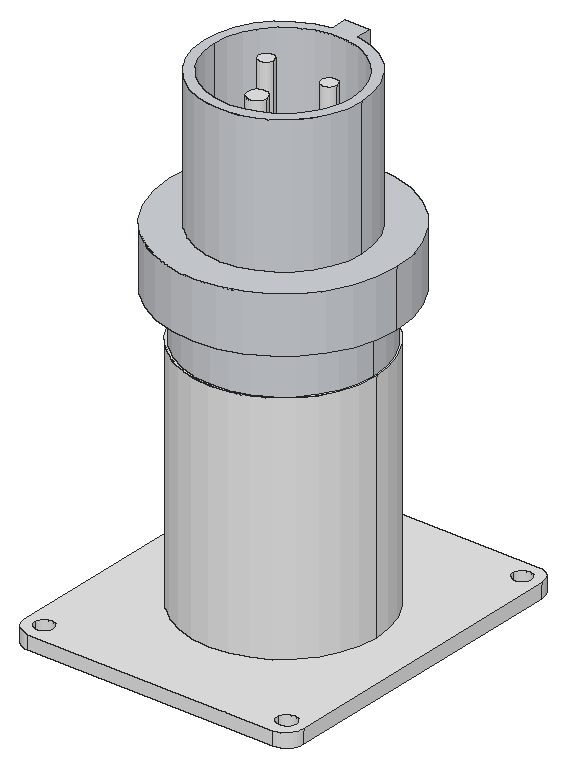
Revit family "Building-IEC309Connections-GEWISS-IEC309HP-STRAIGHT_FLUSH_MOUNT_INLET_32A_IP67", category Apparecchi elettrici, host Superficie, Revit 2019
Family settings
  Host = Superficie
  Mantenere orientamento annotazione = Sì
  Quota connettore circolare = Usa diametro
  Tipo di parte = Normale
  Taglio con vuoti quando caricato = No
  Condiviso = No
  Punto di calcolo locali = Sì
Parameters (values of type "GW60268 - IP67 APPL.INLET 3P+E 32A 380V 3H")
  simbolo acceso [instance] = yes
  distanza_simbolo [instance] = 1 mm
  distanza dal piano [instance] = 0 mm
  W = 115 mm  # constant formula
  Version file RFA = "21.11"
  URL = "https://www.gewiss.com/ww/en"
  Typology = "Straight flush mounting inlet"
  Type of wiring = "With screw"
  Total number of operations = "-2000"
  Thermo-pressure with ball = "125 °C (active parts) - 80 °C (passive parts)"
  Terminal tightening capacity = "2.5-6mm² flexible cables - 2.5-10mm² rigid cables"
  Technical sheet = "https://www.gewiss.com/ww/en/search?q=GW60268"
  Spostamento_effettivo_S [instance] = 4000 mm - Spostamento_S  # 3040 mm
  Spostamento_S = 960 mm
  Shock resistance = "IK08"
  SPinotto = Default(2)
  SEO = "Inlet"
  Reference h = "3"
  Realized by GEWISS S.p.A. = ""
  Rated voltage = "380-440V"
  Rated current (A) = "32"
  Default Elevation = 1219.2 mm
  Produttore = "GEWISS S.p.A."
  Piastra = Default(2)
  Permissible overload = "42A"
  Operating temperature: = "-25 +55 °C"
  No. of poles = "3P+E"
  Modello = "GW60268"
  L = 155 mm  # constant formula
  Insulation resistance = "- 10 M?"
  Immagine tipo = <Nessuno>
  IP degree = "IP67"
  IDT = "52ef395f395f4125bd0a3cd8d910fdee"
  IDF = "f4ffd64b-f466-47c0-b082-9e97be64ef99"
  Glow wire test: = "850 °C (active parts) - 650 °C (passive parts)"
  Frequency = "50/60 Hz"
  Flange dimensions (mm) = "95x80"
  FORMULA = 1000 mm * 1  # 1000 mm
  Electrocod = "2230"
  Descrizione = "IP67 APPL.INLET 3P+E 32A 380V 3H"
  Corpo centrale = Default(2)
  Colour: = "Red"
  Catalogue = "BUILDING"
  COBie.Tagnumber = ""
  COBie.CreatedOn = ""
  COBie.CreatebBy = ""
  COBie.ComponentRegisterItemID = ""
  COBie.Component.TagNumber = ""
  COBie.Component.Space = ""
  COBie.Component.SerialNumber = ""
  COBie.Component.InstallationDate = ""
  COBie.Component.Description = ""
  COBie.Component.BarCode = ""
  Breaking capacity at 1.1 Un = "40A"
  BLOCCO = "B=C"
Types (12, lengths in mm): name | Technical sheet | Reference h | Rated voltage | No. of poles | Modello | IDT | Descrizione | Colour:
  GW60234 - IP67 APPL.INLET 2P+E 32A 110V 4H | "https://www.gewiss.com/ww/en/search?q=GW60234" | "4" | "100-130V" | "2P+E" | "GW60234" | "b7cfcf50eec948e3871ae12ba8b5d91f" | "IP67 APPL.INLET 2P+E 32A 110V 4H" | "Yellow"
  GW60235 - IP67 APPL.INLET 3P+E 32A 110V 4H | "https://www.gewiss.com/ww/en/search?q=GW60235" | "4" | "100-130V" | "3P+E" | "GW60235" | "66806003a8dd4b619ada649850f82419" | "IP67 APPL.INLET 3P+E 32A 110V 4H" | "Yellow"
  GW60236 - IP67 APPL.INLET 3P+N+E 32A 110V 4H | "https://www.gewiss.com/ww/en/search?q=GW60236" | "4" | "100-130V" | "3P+N+E" | "GW60236" | "3225c91acded4540bb1d4f3b047d31a8" | "IP67 APPL.INLET 3P+N+E 32A 110V 4H" | "Yellow"
  GW60237 - IP67 APPL.INLET 2P+E 32A 230V 6H | "https://www.gewiss.com/ww/en/search?q=GW60237" | "6" | "200-250V" | "2P+E" | "GW60237" | "f6eecef3b2e140bd80f7007fae5e8b3e" | "IP67 APPL.INLET 2P+E 32A 230V 6H" | "Blue"
  GW60238 - IP67 APPL.INLET 3P+E 32A 230V 9H | "https://www.gewiss.com/ww/en/search?q=GW60238" | "9" | "200-250V" | "3P+E" | "GW60238" | "4929354ce3734f88b19f6bfb930fa01d" | "IP67 APPL.INLET 3P+E 32A 230V 9H" | "Blue"
  GW60239 - IP67 APPL.INLET 3P+N+E 32A 230V 9H | "https://www.gewiss.com/ww/en/search?q=GW60239" | "9" | "200-250V" | "3P+N+E" | "GW60239" | "fe36541583b3473d88b8b28892e8a54a" | "IP67 APPL.INLET 3P+N+E 32A 230V 9H" | "Blue"
  GW60240 - IP67 APPL.INLET 2P+E 32A 400V 9H | "https://www.gewiss.com/ww/en/search?q=GW60240" | "9" | "380-415V" | "2P+E" | "GW60240" | "d3835acd1c794753b234f44bd94e7abb" | "IP67 APPL.INLET 2P+E 32A 400V 9H" | "Red"
  GW60241 - IP67 APPL.INLET 3P+E 32A 400V 6H | "https://www.gewiss.com/ww/en/search?q=GW60241" | "6" | "380-415V" | "3P+E" | "GW60241" | "158ae1d9ee2e4521a107a556c0ad0bb0" | "IP67 APPL.INLET 3P+E 32A 400V 6H" | "Red"
  GW60242 - IP67 APPL.INLET 3P+N+E 32A 400V 6H | "https://www.gewiss.com/ww/en/search?q=GW60242" | "6" | "380-415V" | "3P+N+E" | "GW60242" | "e4c23b6c1e604560a2ec3b3eb744128e" | "IP67 APPL.INLET 3P+N+E 32A 400V 6H" | "Red"
  GW60243 - IP67 APPL.INLET 3P+E 32A 500V 7H | "https://www.gewiss.com/ww/en/search?q=GW60243" | "7" | "480-500V" | "3P+E" | "GW60243" | "1a9061158e5b440283fe12320800aa8b" | "IP67 APPL.INLET 3P+E 32A 500V 7H" | "Black"
  GW60244 - IP67 APPL.INLET 3P+N+E 32A 500V 7H | "https://www.gewiss.com/ww/en/search?q=GW60244" | "7" | "480-500V" | "3P+N+E" | "GW60244" | "bf8ce8bbd26743569aa03069e65b2b63" | "IP67 APPL.INLET 3P+N+E 32A 500V 7H" | "Black"
  GW60268 - IP67 APPL.INLET 3P+E 32A 380V 3H | "https://www.gewiss.com/ww/en/search?q=GW60268" | "3" | "380-440V" | "3P+E" | "GW60268" | "52ef395f395f4125bd0a3cd8d910fdee" | "IP67 APPL.INLET 3P+E 32A 380V 3H" | "Red"
Reference planes
  plane 1 "Centro (Fronte/Retro)": y = 0
  plane 2: z = 0
  plane 3 "Centro (Sinistra/Destra)": x = 0
  plane 4: x = -3000
  plane 5: x = 40
  plane 6: z = 0
Dimensions and locks
  plane 4 to plane 3 "Centro (Sinistra/Destra)" = 3000 mm
  "Spostamento_effettivo_S": plane 4 to plane 5
  "distanza dal piano": plane 6 to plane 2
  aligned and locked: plane 2 to host face
  aligned and locked: level to host face
  aligned and locked: plane 3 "Centro (Sinistra/Destra)" to nested 1
  aligned and locked: plane 1 "Centro (Fronte/Retro)" to nested 1
  aligned and locked: nested 2 to plane 5
  aligned and locked: nested 1 to host face
Automatic sketch dimensions
  host sketch curve to host sketch curve = 2438.4 mm  (x2)
Nested families
  nested 1: "IEC309 SPINE FISSE INCASSO DIRITTE 32A IP67_base" at (0, 0, 0), type "IEC309 SPINE FISSE INCASSO DIRITTE 32A IP67_base"
  nested 2: "simbolo_circuito_GW60201" at (40, 171.559, 0), visible <- "simbolo acceso", Distanza dal muro <- "distanza_simbolo", type "3P"
    with SIMBOLO ACCESO yes, Distanza dal muro 1 mm
Connectors
  electrical at (40, 47.5, 0)
    settings: on nested 1, index 1, voltage 0 V, apparent load 0 VA, apparent load phase1 0 VA, apparent load phase2 0 VA, apparent load phase3 0 VA, power factor 1, load classification "Altro", number of poles 1, system type 31, power factor state 1, is connector primary yes, connector utility no, sub classification motor no, connector description ""
Definition of nested family "IEC309 SPINE FISSE INCASSO DIRITTE 32A IP67_base"
  Parameters (values of type "IEC309 SPINE FISSE INCASSO DIRITTE 32A IP67_base")
    sp_ghiera = 16 mm
    h = 95 mm
    dis_base = 71 mm
    Spinotto = none
    PIASTRA = none
    Lunghezza totale = 140 mm
    CENTRALE = none
    Bsae = 80 mm
  Reference planes
    plane 1 "Centro (Fronte/Retro)": y = 0
    plane 2: z = 0
    plane 3 "Centro (Sinistra/Destra)": x = 0
    plane 4 "EEE": through (4267.2, -291.041, 143.375) normal (0, -0.788, -0.6157)
    plane 5: x = 48
    plane 6: x = 80
    plane 7: y = 95
    plane 8: z = 4
    plane 9: y = 89.607
    plane 10: x = 74.724
    plane 11: x = 5.276
    plane 12: y = 5.392
    plane 13: y = 38.178
    plane 14: x = 40
    plane 15: y = 52.668
    plane 16: x = 31
    plane 17: x = 49
    plane 18: y = 47.5
    plane 19: z = 71
    plane 20: z = 85
    plane 21: z = 101
    plane 22: z = 140
    plane 23: z = 137.786
  Forms (mm)
    Extrusion 1, solid, material <- "PIASTRA"
      sketch origin (0, 0, 0) x (1, 0, 0) y (0, 1, 0)
        loop
          arc (5, 95) -> (1.464, 93.536) -> (0, 90) r 5
          line (0, 90) -> (0, 5)
          arc (0, 5) -> (1.464, 1.464) -> (5, 0) r 5
          line (5, 0) -> (75, 0)
          arc (75, 0) -> (78.536, 1.464) -> (80, 5) r 5
          line (80, 5) -> (80, 90)
          arc (80, 90) -> (78.536, 93.536) -> (75, 95) r 5
          line (75, 95) -> (5, 95)
      from 0 to 4
    Extrusion 2, void
      sketch origin (0, 0, 0) x (1, 0, 0) y (0, 1, 0)
        loop
          circle (5.276, 89.607) r 2.665
        loop
          circle (74.724, 89.607) r 2.602
        loop
          circle (74.724, 5.392) r 2.692
        loop
          circle (5.276, 5.392) r 2.603
      from 0 to 4
    Extrusion 3, solid, material <- "CENTRALE"
      sketch origin (0, 0, 0) x (1, 0, 0) y (0, 1, 0)
        loop
          circle (40, 47.5) r 26.675
      from 4 to 71
    Extrusion 4, solid
      sketch origin (0, 0, 0) x (1, 0, 0) y (0, 1, 0)
        loop
          circle (40, 47.5) r 26
      from 71 to 85
    Extrusion 5, solid
      sketch origin (0, 0, 0) x (1, 0, 0) y (0, 1, 0)
        loop
          circle (40, 47.5) r 32.5
      from 85 to 101
    Extrusion 6, solid
      sketch origin (0, 0, 0) x (1, 0, 0) y (0, 1, 0)
        loop
          circle (40, 47.5) r 22.572
        loop
          circle (40, 47.5) r 19.816
      from 101 to 140
    Extrusion 7, solid, material <- "Spinotto"
      sketch origin (0, 0, 0) x (1, 0, 0) y (0, 1, 0)
        loop
          circle (31, 52.668) r 2.069
        loop
          circle (49, 52.668) r 2.139
        loop
          circle (40, 38.178) r 2.694
      from 101 to 137.786
    Extrusion 8, solid
      sketch origin (0, 0, 0) x (1, 0, 0) y (0, 1, 0)
        loop
          line (43.532, 69.794) -> (43.532, 73.927)
          arc (43.532, 73.927) -> (39.951, 74.174) -> (36.371, 73.927) r 26.002
          line (36.371, 73.927) -> (36.371, 69.778)
          arc (36.371, 69.778) -> (39.951, 70.072) -> (43.532, 69.794) r 22.572
      from 101 to 140
  Cuts and joins
    Extrusion 2 cuts Extrusion 1
    joined: Extrusion 5, Extrusion 6, Extrusion 8
  Lines and regions (mm)
    symbolic lines
      curve 1: line (270.256, 355.85, 0) -> (282.43, 355.85, 0)
  Dimensions and locks
    "Bsae": plane 3 "Centro (Sinistra/Destra)" to plane 6
    "h": plane 1 "Centro (Fronte/Retro)" to plane 7
    locked: plane 8 to level at 4
    locked: plane 3 "Centro (Sinistra/Destra)" to plane 11 at 5.276
    locked: plane 10 to plane 6 at 5.276
    locked: plane 1 "Centro (Fronte/Retro)" to plane 12 at 5.392
    locked: plane 20 to plane 19 at 14
    "sp_ghiera": plane 21 to plane 20
    "Lunghezza totale": plane 22 to level
    locked: plane 22 to plane 23 at 2.214
    "dis_base": plane 19 to level
    equal spacing: plane 3 "Centro (Sinistra/Destra)", plane 14, plane 6
    locked: plane 16 to plane 14 at 9
    locked: plane 14 to plane 17 at 9
    locked: plane 15 to plane 18 at 5.168
    locked: plane 18 to plane 13 at 9.322
    locked: plane 7 to plane 9 at 5.393
    equal spacing: plane 1 "Centro (Fronte/Retro)", plane 18, plane 7
    radius of Extrusion 1 sketch curve = 5 mm  (x4)
    aligned and locked: level to plane 2
    aligned and locked: Extrusion 1 to level
    aligned and locked: plane 8 to Extrusion 1
    aligned and locked: Extrusion 2 to level
    aligned and locked: plane 8 to Extrusion 2
    aligned and locked: plane 14 to Extrusion 3 sketch curve
    aligned and locked: plane 18 to Extrusion 3 sketch curve
    aligned and locked: Extrusion 3 to plane 8
    aligned and locked: plane 19 to Extrusion 3
    aligned and locked: Extrusion 4 to plane 19
    aligned and locked: plane 20 to Extrusion 4
    aligned and locked: plane 14 to Extrusion 4 sketch curve
    aligned and locked: plane 18 to Extrusion 4 sketch curve
    aligned and locked: plane 18 to Extrusion 5 sketch curve
    aligned and locked: plane 14 to Extrusion 5 sketch curve
    aligned and locked: Extrusion 5 to plane 20
    aligned and locked: Extrusion 5 to plane 21
    aligned and locked: plane 18 to Extrusion 6 sketch curve  (x2)
    aligned and locked: plane 14 to Extrusion 6 sketch curve  (x2)
    aligned and locked: plane 21 to Extrusion 6
    aligned and locked: plane 22 to Extrusion 6
    aligned and locked: plane 15 to Extrusion 7 sketch curve  (x2)
    aligned and locked: plane 14 to Extrusion 7 sketch curve
    aligned and locked: plane 16 to Extrusion 7 sketch curve
    aligned and locked: plane 17 to Extrusion 7 sketch curve
    aligned and locked: plane 21 to Extrusion 7
    aligned and locked: plane 23 to Extrusion 7
    aligned and locked: plane 21 to cut or joined group of Extrusion 5, Extrusion 6, Extrusion 8
    aligned and locked: plane 22 to cut or joined group of Extrusion 5, Extrusion 6, Extrusion 8
  Automatic sketch dimensions
    Extrusion 1 sketch curve to plane 3 "Centro (Sinistra/Destra)" = 0 mm
    Extrusion 1 sketch curve to plane 7 = 0 mm
    plane 1 "Centro (Fronte/Retro)" to Extrusion 1 sketch curve = 0 mm
    Extrusion 1 sketch curve to plane 6 = 0 mm
    Extrusion 2 sketch curve to plane 11 = 0 mm  (x2)
    Extrusion 2 sketch curve to plane 9 = 0 mm  (x2)
    Extrusion 2 sketch curve to plane 10 = 0 mm  (x2)
    Extrusion 2 sketch curve to plane 12 = 0 mm  (x2)
    Extrusion 7 sketch curve to plane 13 = 0 mm
    curve 1 to plane 6 = 190.256 mm
    plane 7 to curve 1 = 260.85 mm
    curve 1 to curve 1 = 12.174 mm
    Extrusion 8 sketch curve to plane 14 = 3.629 mm
    Extrusion 8 sketch curve to plane 14 = 0.049 mm
    plane 18 to Extrusion 8 sketch curve = 0.673 mm
    plane 14 to Extrusion 8 sketch curve = 3.532 mm
    Extrusion 8 sketch curve to Extrusion 8 sketch curve = 4.133 mm
    Extrusion 8 sketch curve to plane 14 = 0 mm
    Extrusion 8 sketch curve to plane 18 = 0 mm
    Extrusion 8 sketch curve to Extrusion 8 sketch curve = 0.016 mm
    radius of Extrusion 2 sketch curve = 2.665 mm
    radius of Extrusion 2 sketch curve = 2.602 mm
    radius of Extrusion 2 sketch curve = 2.692 mm
    radius of Extrusion 2 sketch curve = 2.603 mm
    radius of Extrusion 3 sketch curve = 26.675 mm
    radius of Extrusion 4 sketch curve = 26 mm
    radius of Extrusion 5 sketch curve = 32.5 mm
    radius of Extrusion 6 sketch curve = 22.572 mm
    radius of Extrusion 6 sketch curve = 19.816 mm
    radius of Extrusion 7 sketch curve = 2.069 mm
    radius of Extrusion 7 sketch curve = 2.139 mm
    radius of Extrusion 7 sketch curve = 2.694 mm
Definition of nested family "simbolo_circuito_GW60201"
  Parameters (values of type "3P")
    SIMBOLO ACCESO [instance] = yes
    Distanza dal muro [instance] = 0 mm
  Reference planes
    plane 1: y = 0
    plane 2: x = 0
  Dimensions and locks
    "Distanza dal muro": plane 1 to nested 1
    aligned and locked: plane 2 to nested 1
  Nested families
    nested 1: "simbolo_circuito_GW60201_base" at (0, 0, 0), visible <- "SIMBOLO ACCESO", type "3P"
      with CORNICE SIMBOLO yes
  Definition of nested family "simbolo_circuito_GW60201_base"
    Parameters (values of type "3P")
      CORNICE SIMBOLO [instance] = yes
      3P = yes
    Types (2, lengths in mm): name | 3P
      3P | yes
      2P | no
    Reference planes
      plane 1: y = 0
      plane 2: x = 0
    Lines and regions (mm)
      detail lines
        curve 1: arc (0.298, 0.46, 0) -> (0, 0.758, 0) -> (-0.298, 0.46, 0) r 0.298
        curve 2: arc (0.139, 0.652, 0) -> (0, 0.731, 0) -> (-0.139, 0.652, 0) r 0.163
        curve 3: arc (-0.139, 0.106, 0) -> (0, 0.027, 0) -> (0.139, 0.106, 0) r 0.163
        curve 4: circle (0, 2.381, 0) r 0.05 normal (0, 0, 1)
        curve 5: line (0, 3.386, 0) -> (0, 0.758, 0)
        curve 6: line (-0.139, 0.652, 0) -> (-0.139, 0.106, 0)
        curve 7: line (0.139, 0.652, 0) -> (0.139, 0.106, 0)
      detail lines, not visible
        curve 8: arc (2.679, 0.46, 0) -> (2.381, 0.758, 0) -> (2.083, 0.46, 0) r 0.298
        curve 9: arc (2.52, 0.652, 0) -> (2.381, 0.731, 0) -> (2.241, 0.652, 0) r 0.163
        curve 10: arc (2.241, 0.106, 0) -> (2.381, 0.027, 0) -> (2.52, 0.106, 0) r 0.163
        curve 11: circle (2.381, 2.381, 0) r 0.05 normal (0, 0, 1)
        curve 12: line (2.381, 3.386, 0) -> (2.381, 0.758, 0)
        curve 13: line (2.241, 0.652, 0) -> (2.241, 0.106, 0)
        curve 14: line (2.52, 0.652, 0) -> (2.52, 0.106, 0)
